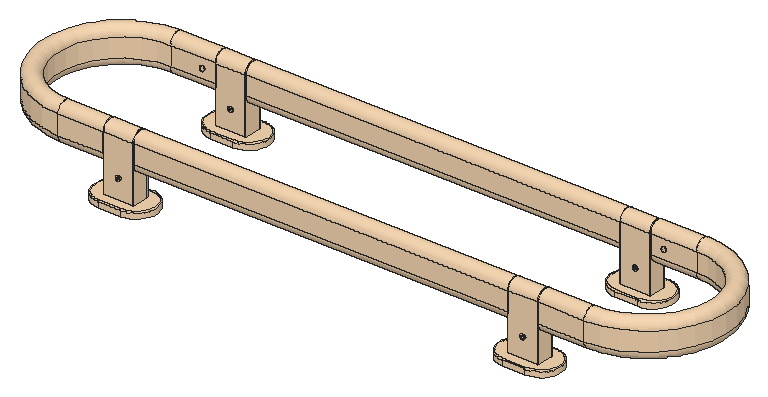
Revit family "Accessory-Grab_Bar-KOHLER-K-33463", category Specialty Equipment, host Face, Revit 2021
Family settings
  Host = Face
  Round Connector Dimension = Use Diameter
  Part Type = Normal
  OmniClass Number = 23.31.15.17.21
  OmniClass Title = Bathtub Grab Bars
  Cut with Voids When Loaded = No
  Shared = No
  Room Calculation Point = No
Parameters (values of type "2MB-Vibrant Brushed Moderne Brass")
  Width = 20.75197"  # constant formula
  WaterSense Certified = 1 = 0  # no
  URL = "https://www.us.kohler.com/us/"
  Type = 1
  Product Page URL = "http://www.us.kohler.com/us/catalog/productDetails.jsp?productNumber=33463"
  Product Name = ""
  Product Documentation Link = "https://www.us.kohler.com/webassets/kpna/catalog/pdf/en/K-33463_spec_US-CA_Kohler_en.pdf"
  Model = if(Type = 1, "K-33463-2MB", if(Type = 2, "K-33463-BL", if(Type = 3, "K-33463-BN", if(Type = 4, "K-33463-CP", "NA"))))  # "K-33463-2MB"
  Material = "Premium Metal Construction"  # constant formula
  Master Format 2014 Name = "Toilet, Bath, and Laundry Accessories"  # constant formula
  Master Format 2014 = "10 28 00"  # constant formula
  Manufacturer Address = "444 Highland Dr, Kohler, WI 53044"  # constant formula
  Manufacturer = "Kohler Co."  # constant formula
  Length = 3.13386"  # constant formula
  Height = 8.00394"  # constant formula
  Finish = Kohler-Metal-2MB-Vibrant_Brushed_Moderne_Brass
  Environmental Product Declaration = ""
  Description = "Loop Connector For Grab Bar"  # constant formula
  Default Elevation = 42"
  Declare Label = ""
  Date Modified = "02/28/2024"  # constant formula
  Date Created = "02/28/2024"  # constant formula
  Copyright = "Copyright Kohler Co."  # constant formula
  Contact Us = "https://www.us.kohler.com/us/static/contact.jsp"
  Assembly Code = "C1030200"
  ADA Compliant = 1 = 0  # no
Types (5): name | Type | Model | Finish
  (no name) | 1 | "K-33463-2MB" | Kohler-Metal-2MB-Vibrant_Brushed_Moderne_Brass
  2MB-Vibrant Brushed Moderne Brass | 1 | "K-33463-2MB" | Kohler-Metal-2MB-Vibrant_Brushed_Moderne_Brass
  BL-Matte Black | 2 | "K-33463-BL" | Kohler-Metal-BL-Matte_Black
  BN-Vibrant Brushed Nickel | 3 | "K-33463-BN" | Kohler-Metal-BN-Vibrant_Brushed_Nickel
  CP-Polished Chrome | 4 | "K-33463-CP" | Kohler-Metal-CP-Polished_Chrome
Reference planes (in)
  plane 1 "Center (Front/Back)": y = 0
  plane 2: z = 0
  plane 3 "Center (Left/Right)": x = 0
  plane 4: z = 3.13386
  plane 5: x = 15.19488
  plane 6: x = -15.19488
  plane 7: x = 9
  plane 8: x = -9
  plane 9: z = 1.5
  plane 10: x = 7.62402
  plane 11: x = 10.37598
  plane 12: x = -10.37598
  plane 13: x = -7.62402
  plane 14: y = -4.00197
  plane 15: y = -2.25
  plane 16: y = -2.73228
  plane 17: y = -3.51969
  plane 18: y = -3.12598
  plane 19: y = 2.25
  plane 20: y = 2.73228
  plane 21: y = 3.12598
  plane 22: y = 3.51969
  plane 23: y = 4.00197
Dimensions and locks (in)
  "Height": plane 23 to plane 14
  plane 20 to plane 16 = 5.46457"
  plane 22 to plane 17 = 7.03937"
  plane 22 to plane 20 = 0.7874"
  plane 23 to plane 19 = 1.75197"
  plane 6 to plane 5 = 30.38976"
  plane 4 to plane 9 = 1.63386"
  plane 12 to plane 13 = 2.75197"
  plane 8 to plane 7 = 18"
  plane 9 to level = 1 1/2"
  plane 4 to level = 3.13386"
  "Width": plane 12 to plane 11
  "Length": plane 4 to level
  aligned and locked: plane 2 to host face
  aligned and locked: level to host face
  aligned and locked: plane 1 "Center (Front/Back)" to nested 1
  aligned and locked: plane 3 "Center (Left/Right)" to nested 1
Automatic sketch dimensions
  host sketch curve to host sketch curve = 96"  (x2)
Nested families (in)
  nested 1: "K-33463" at (0, 0, 0), type "K-33463"
Definition of nested family "K-33463"
  Parameters
    Material = none
    Default Elevation = 0"
  Reference planes (in)
    plane 1 "Center (Front/Back)": y = 0
    plane 2: z = 0
    plane 3 "Center (Left/Right)": x = 0
    plane 4: x = 9
    plane 5: x = -9
    plane 6: x = -15.19488
    plane 7: x = 15.19488
    plane 8: y = 2.73228
    plane 9: y = -2.73228
    plane 10: y = 3.51969
    plane 11: y = -3.51969
    plane 12: y = 3.12598
    plane 13: y = -3.12598
    plane 14: y = 4.00197
    plane 15: y = 2.25
    plane 16: y = -4.00197
    plane 17: y = -2.25
    plane 18: z = 3.13386
    plane 19: z = 1.5
    plane 20: x = -10.37598
    plane 21: x = -7.62402
    plane 22: x = 10.37598
    plane 23: x = 7.62402
  Forms (in)
    Sweep 1, solid, material <- "Material", detail levels medium+fine
      path origin (-0.36294, -0.09843, 0) x (1, 0, 0) y (0, 1, 0)
        loop
          arc (-11.3156, 3.64858) -> (-14.85891, 0.10527) -> (-11.3156, -3.43803) r 3.54331
          line (-11.3156, -3.43803) -> (12.08599, -3.43803)
          arc (12.08599, -3.43803) -> (15.6293, 0.10527) -> (12.08599, 3.64858) r 3.54331
          line (12.08599, 3.64858) -> (-11.3156, 3.64858)
      profile origin (0.02225, 3.55016, 0) x (0, 1, 0) y (0, 0, 1)
        loop
          arc (-0.02451, 2.73995) -> (-0.41822, 3.13365) -> (-0.81191, 2.73994) r 0.3937
          line (-0.81191, 2.73994) -> (-0.8119, 1.8954)
          arc (-0.8119, 1.8954) -> (-0.4182, 1.5017) -> (-0.0245, 1.89541) r 0.3937
          line (-0.0245, 1.89541) -> (-0.02451, 2.73995)
    Extrusion 2, void
      sketch origin (0, 0, 0) x (1, 0, 0) y (0, 0, 1)
        loop
          line (-9.67152, 3.32645) -> (-9.67152, 1.36691) -> (-8.32848, 1.36691) -> (-8.32848, 3.32645) -> (-9.67152, 3.32645)
        loop
          line (9.67152, 3.32645) -> (8.32848, 3.32645) -> (8.32848, 1.36691) -> (9.67152, 1.36691) -> (9.67152, 3.32645)
      from -4.10118 to 3.63666
    Sweep 3, solid, material <- "Material", detail levels medium+fine
      path origin (0, 0, 0) x (0, 1, 0) y (0, 0, 1)
        loop
          line (-2.72455, 0.21895) -> (-2.72455, 2.74045)
          arc (-2.72455, 2.74045) -> (-3.11825, 3.13415) -> (-3.51195, 2.74045) r 0.3937
          line (-3.51195, 2.74045) -> (-3.51195, 0.21895)
      profile origin (0, -2.72455, 1.4797) x (0, -1, 0) y (1, 0, 0)
        loop
          line (0, -8.34816) -> (0, -9.65184)
          arc (0, -9.65184) -> (0.00577, -9.66576) -> (0.01969, -9.67152) r 0.01969
          line (0.01969, -9.67152) -> (0.15478, -9.67152) -> (0.15478, -8.32848) -> (0.01969, -8.32848)
          arc (0.01969, -8.32848) -> (0.00577, -8.33424) -> (0, -8.34816) r 0.01969
    Sweep 4, solid, material <- "Material", detail levels medium+fine
      path origin (0, 0, 0) x (0, 1, 0) y (0, 0, -1)
        loop
          line (-2.72455, -0.21895) -> (-2.72455, -2.74045)
          arc (-2.72455, -2.74045) -> (-3.11825, -3.13415) -> (-3.51195, -2.74045) r 0.3937
          line (-3.51195, -2.74045) -> (-3.51195, -0.21895)
      profile origin (0, -2.72455, 1.4797) x (0, 1, 0) y (-1, 0, 0)
        loop
          arc (0, -8.34816) -> (-0.00577, -8.33424) -> (-0.01969, -8.32848) r 0.01969
          line (-0.01969, -8.32848) -> (-0.17939, -8.32848) -> (-0.17939, -9.67152) -> (-0.01969, -9.67152)
          arc (-0.01969, -9.67152) -> (-0.00577, -9.66576) -> (0, -9.65184) r 0.01969
          line (0, -9.65184) -> (0, -8.34816)
    Sweep 5, solid, material <- "Material", detail levels medium+fine
      path origin (0, 0, 0) x (1, 0, 0) y (0, 1, 0)
        loop
          arc (8.49508, 4.00197) -> (7.6191, 3.12598) -> (8.49508, 2.25) r 0.87598
          line (8.49508, 2.25) -> (9.49484, 2.25)
          arc (9.49484, 2.25) -> (10.37082, 3.12598) -> (9.49484, 4.00197) r 0.87598
          line (9.49484, 4.00197) -> (8.49508, 4.00197)
      profile origin (8.99496, 4.00197, 0) x (0, 1, 0) y (0, 0, 1)
        loop
          line (0, 0) -> (0, 0.23513)
          arc (0, 0.23513) -> (-0.01153, 0.26297) -> (-0.03937, 0.2745) r 0.03937
          line (-0.03937, 0.2745) -> (-0.07237, 0.2745) -> (-0.07237, 0) -> (0, 0)
    Sweep 6, solid, material <- "Material", detail levels medium+fine
      path origin (0, 0, 0) x (1, 0, 0) y (0, 1, 0)
        loop
          line (8.49508, -4.00197) -> (9.49484, -4.00197)
          arc (9.49484, -4.00197) -> (10.37082, -3.12598) -> (9.49484, -2.25) r 0.87598
          line (9.49484, -2.25) -> (8.49508, -2.25)
          arc (8.49508, -2.25) -> (7.6191, -3.12598) -> (8.49508, -4.00197) r 0.87598
      profile origin (8.99496, -4.00197, 0) x (0, 1, 0) y (0, 0, 1)
        loop
          line (0, 0) -> (0.07237, 0) -> (0.07237, 0.2745) -> (0.03937, 0.2745)
          arc (0.03937, 0.2745) -> (0.01153, 0.26297) -> (0, 0.23513) r 0.03937
          line (0, 0.23513) -> (0, 0)
    Sweep 7, solid, material <- "Material", detail levels medium+fine
      path origin (0, 0, 0) x (-1, 0, 0) y (0, -1, 0)
        loop
          line (8.49508, -4.00197) -> (9.49484, -4.00197)
          arc (9.49484, -4.00197) -> (10.37082, -3.12598) -> (9.49484, -2.25) r 0.87598
          line (9.49484, -2.25) -> (8.49508, -2.25)
          arc (8.49508, -2.25) -> (7.6191, -3.12598) -> (8.49508, -4.00197) r 0.87598
      profile origin (-8.99496, 4.00197, 0) x (0, -1, 0) y (0, 0, 1)
        loop
          line (0, 0) -> (0.07237, 0) -> (0.07237, 0.2745) -> (0.03937, 0.2745)
          arc (0.03937, 0.2745) -> (0.01153, 0.26297) -> (0, 0.23513) r 0.03937
          line (0, 0.23513) -> (0, 0)
    Sweep 8, solid, material <- "Material", detail levels medium+fine
      path origin (0, 0, 0) x (-1, 0, 0) y (0, -1, 0)
        loop
          arc (8.49508, 4.00197) -> (7.6191, 3.12598) -> (8.49508, 2.25) r 0.87598
          line (8.49508, 2.25) -> (9.49484, 2.25)
          arc (9.49484, 2.25) -> (10.37082, 3.12598) -> (9.49484, 4.00197) r 0.87598
          line (9.49484, 4.00197) -> (8.49508, 4.00197)
      profile origin (-8.99496, -4.00197, 0) x (0, -1, 0) y (0, 0, 1)
        loop
          line (0, 0) -> (0, 0.23513)
          arc (0, 0.23513) -> (-0.01153, 0.26297) -> (-0.03937, 0.2745) r 0.03937
          line (-0.03937, 0.2745) -> (-0.07237, 0.2745) -> (-0.07237, 0) -> (0, 0)
    Extrusion 9, solid, material <- "Material", detail levels medium+fine
      sketch origin (0, 0, 0) x (1, 0, 0) y (0, 1, 0)
        loop
          arc (-9.49484, -2.32237) -> (-10.29845, -3.12598) -> (-9.49484, -3.9296) r 0.80362
          line (-9.49484, -3.9296) -> (-8.49508, -3.9296)
          arc (-8.49508, -3.9296) -> (-7.69146, -3.12598) -> (-8.49508, -2.32237) r 0.80362
          line (-8.49508, -2.32237) -> (-9.49484, -2.32237)
        loop
          arc (-9.49484, 3.9296) -> (-10.29845, 3.12598) -> (-9.49484, 2.32237) r 0.80362
          line (-9.49484, 2.32237) -> (-8.49508, 2.32237)
          arc (-8.49508, 2.32237) -> (-7.69146, 3.12598) -> (-8.49508, 3.9296) r 0.80362
          line (-8.49508, 3.9296) -> (-9.49484, 3.9296)
        loop
          arc (8.49508, -2.32237) -> (7.69146, -3.12598) -> (8.49508, -3.9296) r 0.80362
          line (8.49508, -3.9296) -> (9.49484, -3.9296)
          arc (9.49484, -3.9296) -> (10.29845, -3.12598) -> (9.49484, -2.32237) r 0.80362
          line (9.49484, -2.32237) -> (8.49508, -2.32237)
        loop
          arc (8.49508, 3.9296) -> (7.69146, 3.12598) -> (8.49508, 2.32237) r 0.80362
          line (8.49508, 2.32237) -> (9.49484, 2.32237)
          arc (9.49484, 2.32237) -> (10.29845, 3.12598) -> (9.49484, 3.9296) r 0.80362
          line (9.49484, 3.9296) -> (8.49508, 3.9296)
      from 0 to 0.2745
    Extrusion 10, void
      sketch origin (0, 0, 0) x (1, 0, 0) y (0, 0, 1)
        loop
          circle (-10.27067, 2.31695) r 0.11403
      from -2.97655 to -2.48567
    Extrusion 11, void
      sketch origin (0, 0, 0) x (1, 0, 0) y (0, 0, 1)
        loop
          circle (-10.27067, 2.31695) r 0.11403
      from 2.38813 to 3.12968
    Extrusion 12, void
      sketch origin (0, 0, 0) x (-1, 0, 0) y (0, 0, -1)
        loop
          circle (-10.27067, -2.31695) r 0.11403
      from -2.97655 to -2.48567
    Extrusion 13, void
      sketch origin (0, 0, 0) x (-1, 0, 0) y (0, 0, -1)
        loop
          circle (-10.27067, -2.31695) r 0.11403
      from 2.44841 to 3.1263
    Extrusion 14, solid, material <- "Material", detail levels medium+fine
      sketch origin (0, 0, 0) x (1, 0, 0) y (0, 0, 1)
        loop
          circle (10.27067, 2.31695) r 0.1063
      from -2.97655 to -2.73825
    Extrusion 15, solid, material <- "Material", detail levels medium+fine
      sketch origin (0, 0, 0) x (1, 0, 0) y (0, 0, -1)
        loop
          circle (10.27067, -2.31695) r 0.1063
      from -3.1263 to -2.72455
    Extrusion 16, solid, material <- "Material", detail levels medium+fine
      sketch origin (0, 0, 0) x (-1, 0, 0) y (0, 0, -1)
        loop
          circle (10.27067, -2.31695) r 0.1063
      from -2.97655 to -2.73825
    Extrusion 17, solid, material <- "Material", detail levels medium+fine
      sketch origin (0, 0, 0) x (-1, 0, 0) y (0, 0, 1)
        loop
          circle (10.27067, 2.31695) r 0.1063
      from -3.12968 to -2.72455
    Extrusion 18, solid, detail levels medium+fine
      sketch origin (0, 0, 0) x (1, 0, 0) y (0, 0, 1)
        loop
          circle (-9, 1.13912) r 0.10596
        loop
          line (-9, 1.19949) -> (-9.05228, 1.16931) -> (-9.05228, 1.10894) -> (-9, 1.07876) -> (-8.94772, 1.10894) -> (-8.94772, 1.16931) -> (-9, 1.19949)
      from 3.35053 to 3.54164
    Extrusion 19, void
      sketch origin (0, 0, 0) x (1, 0, 0) y (0, 0, 1)
        loop
          circle (-9, 1.13912) r 0.10596
      from 3.35053 to 3.70089
    Extrusion 20, void
      sketch origin (0, 0, 0) x (1, 0, 0) y (0, 0, 1)
        loop
          circle (-9, 1.13912) r 0.10596
      from -3.03907 to -2.55986
    Extrusion 21, solid, detail levels medium+fine
      sketch origin (0, 0, 0) x (1, 0, 0) y (0, 0, 1)
        loop
          circle (-9, 1.13912) r 0.10596
        loop
          line (-9, 1.19949) -> (-9.05228, 1.16931) -> (-9.05228, 1.10894) -> (-9, 1.07876) -> (-8.94772, 1.10894) -> (-8.94772, 1.16931) -> (-9, 1.19949)
      from -2.7946 to -2.71
    Extrusion 22, solid, detail levels medium+fine
      sketch origin (0, 0, 0) x (-1, 0, 0) y (0, 0, -1)
        loop
          circle (-9, -1.13912) r 0.10596
        loop
          line (-9, -1.19949) -> (-8.94772, -1.16931) -> (-8.94772, -1.10894) -> (-9, -1.07876) -> (-9.05228, -1.10894) -> (-9.05228, -1.16931) -> (-9, -1.19949)
      from 3.35053 to 3.54164
    Extrusion 23, solid, detail levels medium+fine
      sketch origin (0, 0, 0) x (-1, 0, 0) y (0, 0, -1)
        loop
          circle (-9, -1.13912) r 0.10596
        loop
          line (-9, -1.19949) -> (-8.94772, -1.16931) -> (-8.94772, -1.10894) -> (-9, -1.07876) -> (-9.05228, -1.10894) -> (-9.05228, -1.16931) -> (-9, -1.19949)
      from -2.7946 to -2.71
    Extrusion 24, void
      sketch origin (0, 0, 0) x (-1, 0, 0) y (0, 0, -1)
        loop
          circle (-9, -1.13912) r 0.10596
      from 3.35053 to 3.70089
    Extrusion 25, void
      sketch origin (0, 0, 0) x (-1, 0, 0) y (0, 0, -1)
        loop
          circle (-9, -1.13912) r 0.10596
      from -2.7946 to -2.55986
    Extrusion 26, solid, material <- "Material", detail levels medium+fine
      sketch origin (0, 0, 0) x (0, 1, 0) y (0, 0, 1)
        loop
          line (-2.87933, 0.21895) -> (-2.87933, 2.74045)
          arc (-2.87933, 2.74045) -> (-3.11825, 2.97937) -> (-3.35717, 2.74045) r 0.23892
          line (-3.35717, 2.74045) -> (-3.35717, 0.21895) -> (-2.87933, 0.21895)
      from -9.67152 to -8.32848
    Extrusion 27, solid, material <- "Material", detail levels medium+fine
      sketch origin (0, 0, 0) x (0, 1, 0) y (0, 0, 1)
        loop
          line (-2.90393, 0.21895) -> (-2.90393, 2.74045)
          arc (-2.90393, 2.74045) -> (-3.11825, 2.95476) -> (-3.33256, 2.74045) r 0.21431
          line (-3.33256, 2.74045) -> (-3.33256, 0.21895) -> (-2.90393, 0.21895)
      from 8.32848 to 9.67152
    Sweep 28, solid, material <- "Material", detail levels medium+fine
      path origin (0, 0, 0) x (0, -1, 0) y (0, 0, -1)
        loop
          line (-2.72455, -0.21895) -> (-2.72455, -2.74045)
          arc (-2.72455, -2.74045) -> (-3.11825, -3.13415) -> (-3.51195, -2.74045) r 0.3937
          line (-3.51195, -2.74045) -> (-3.51195, -0.21895)
      profile origin (0, 2.72455, 1.4797) x (0, -1, 0) y (1, 0, 0)
        loop
          arc (0, -8.34816) -> (-0.00577, -8.33424) -> (-0.01969, -8.32848) r 0.01969
          line (-0.01969, -8.32848) -> (-0.15478, -8.32848) -> (-0.15478, -9.67152) -> (-0.01969, -9.67152)
          arc (-0.01969, -9.67152) -> (-0.00577, -9.66576) -> (0, -9.65184) r 0.01969
          line (0, -9.65184) -> (0, -8.34816)
    Sweep 29, solid, material <- "Material", detail levels medium+fine
      path origin (0, 0, 0) x (0, -1, 0) y (0, 0, 1)
        loop
          line (-2.72455, 0.21895) -> (-2.72455, 2.74045)
          arc (-2.72455, 2.74045) -> (-3.11825, 3.13415) -> (-3.51195, 2.74045) r 0.3937
          line (-3.51195, 2.74045) -> (-3.51195, 0.21895)
      profile origin (0, 2.72455, 1.4797) x (0, 1, 0) y (-1, 0, 0)
        loop
          line (0, -8.34816) -> (0, -9.65184)
          arc (0, -9.65184) -> (0.00577, -9.66576) -> (0.01969, -9.67152) r 0.01969
          line (0.01969, -9.67152) -> (0.17939, -9.67152) -> (0.17939, -8.32848) -> (0.01969, -8.32848)
          arc (0.01969, -8.32848) -> (0.00577, -8.33424) -> (0, -8.34816) r 0.01969
    Extrusion 30, solid, material <- "Material", detail levels medium+fine
      sketch origin (0, 0, 0) x (0, 1, 0) y (0, 0, 1)
        loop
          arc (3.33256, 2.74045) -> (3.11825, 2.95476) -> (2.90393, 2.74045) r 0.21431
          line (2.90393, 2.74045) -> (2.90393, 0.21895) -> (3.33256, 0.21895) -> (3.33256, 2.74045)
      from 8.32848 to 9.67152
    Extrusion 31, solid, material <- "Material", detail levels medium+fine
      sketch origin (0, 0, 0) x (0, 1, 0) y (0, 0, 1)
        loop
          line (2.87933, 2.74045) -> (2.87933, 0.21895) -> (3.35717, 0.21895) -> (3.35717, 2.74045)
          arc (3.35717, 2.74045) -> (3.11825, 2.97937) -> (2.87933, 2.74045) r 0.23892
      from -9.67152 to -8.32848
    Sweep 32, solid, material <- "Material", detail levels coarse
      path origin (0, 0, 0) x (1, 0, 0) y (0, 1, 0)
        loop
          arc (-11.68624, 3.54977) -> (-15.22954, 0.00646) -> (-11.68624, -3.53685) r 3.54331
          line (-11.68624, -3.53685) -> (11.7059, -3.53685)
          arc (11.7059, -3.53685) -> (15.24921, 0.00646) -> (11.7059, 3.54977) r 3.54331
          line (11.7059, 3.54977) -> (-11.68624, 3.54977)
      profile origin (0.00983, 3.54977, 0) x (0, 1, 0) y (0, 0, 1)
        loop
          line (-0.02823, 1.53795) -> (-0.02825, 3.09307) -> (-0.77626, 3.09307) -> (-0.77624, 1.53795) -> (-0.02823, 1.53795)
    Extrusion 33, solid, material <- "Material", detail levels coarse
      sketch origin (0, 0, 0) x (1, 0, 0) y (0, 1, 0)
        loop
          line (-9.49829, -3.99544) -> (-8.49302, -3.99544)
          arc (-8.49302, -3.99544) -> (-7.61837, -3.1208) -> (-8.49302, -2.24615) r 0.87465
          line (-8.49302, -2.24615) -> (-9.49829, -2.24615)
          arc (-9.49829, -2.24615) -> (-10.37293, -3.1208) -> (-9.49829, -3.99544) r 0.87465
        loop
          arc (-9.49829, 3.99544) -> (-10.37293, 3.1208) -> (-9.49829, 2.24615) r 0.87465
          line (-9.49829, 2.24615) -> (-8.49302, 2.24615)
          arc (-8.49302, 2.24615) -> (-7.61837, 3.1208) -> (-8.49302, 3.99544) r 0.87465
          line (-8.49302, 3.99544) -> (-9.49829, 3.99544)
        loop
          arc (9.49829, -3.99544) -> (10.37293, -3.1208) -> (9.49829, -2.24615) r 0.87465
          line (9.49829, -2.24615) -> (8.49302, -2.24615)
          arc (8.49302, -2.24615) -> (7.61837, -3.1208) -> (8.49302, -3.99544) r 0.87465
          line (8.49302, -3.99544) -> (9.49829, -3.99544)
        loop
          line (9.49829, 3.99544) -> (8.49302, 3.99544)
          arc (8.49302, 3.99544) -> (7.61837, 3.1208) -> (8.49302, 2.24615) r 0.87465
          line (8.49302, 2.24615) -> (9.49829, 2.24615)
          arc (9.49829, 2.24615) -> (10.37293, 3.1208) -> (9.49829, 3.99544) r 0.87465
      from 0 to 0.27309
    Extrusion 34, solid, material <- "Material", detail levels coarse
      sketch origin (0, 0, 0) x (0, 1, 0) y (0, 0, 1)
        loop
          line (-2.76061, 0.1664) -> (-2.76061, 1.70634) -> (-3.50862, 1.70634) -> (-3.50862, 0.1664) -> (-2.76061, 0.1664)
      from -9.6711 to -8.32288
    Extrusion 35, solid, material <- "Material", detail levels coarse
      sketch origin (0, 0, 0) x (0, -1, 0) y (0, 0, -1)
        loop
          line (-2.77353, -0.1664) -> (-3.52154, -0.1664) -> (-3.52154, -1.70634) -> (-2.77353, -1.70634) -> (-2.77353, -0.1664)
      from -9.6711 to -8.32288
    Extrusion 36, solid, material <- "Material", detail levels coarse
      sketch origin (0, 0, 0) x (0, 1, 0) y (0, 0, -1)
        loop
          line (-2.76061, -0.1664) -> (-3.50862, -0.1664) -> (-3.50862, -1.70634) -> (-2.76061, -1.70634) -> (-2.76061, -0.1664)
      from -9.6711 to -8.32288
    Extrusion 37, solid, material <- "Material", detail levels coarse
      sketch origin (0, 0, 0) x (0, -1, 0) y (0, 0, 1)
        loop
          line (-2.77353, 0.1664) -> (-2.77353, 1.70634) -> (-3.52154, 1.70634) -> (-3.52154, 0.1664) -> (-2.77353, 0.1664)
      from -9.6711 to -8.32288
  Cuts and joins
    Extrusion 2, Extrusion 10, Extrusion 11, Extrusion 12, Extrusion 13 cuts Sweep 1
    Extrusion 19, Extrusion 24 cuts Sweep 3
    joined: Sweep 3, Extrusion 26
    Extrusion 24 cuts Extrusion 18
    Extrusion 25 cuts Extrusion 21
    Extrusion 24 cuts Sweep 4
    joined: Sweep 4, Extrusion 27
    joined: Sweep 5, Sweep 6, Sweep 7, Sweep 8, Extrusion 9
    Extrusion 20 cuts Sweep 28
    joined: Sweep 28, Extrusion 31
    Extrusion 25 cuts Sweep 29
    joined: Sweep 29, Extrusion 30
    joined: Sweep 32, Extrusion 33, Extrusion 34, Extrusion 35, Extrusion 36
  Lines and regions (in)
    Masking region 1
      outline origin (0, 0, 0) x (1, 0, 0) y (0, 1, 0)
        loop
          arc (-9.50482, 2.25) -> (-9.96481, 2.38024) -> (-10.28824, 2.73228) r 0.87744
          line (-10.28824, 2.73228) -> (-11.67544, 2.73228)
          arc (-11.67544, 2.73228) -> (-14.40772, 0) -> (-11.67544, -2.73228) r 2.73228
          line (-11.67544, -2.73228) -> (-10.28824, -2.73228)
          arc (-10.28824, -2.73228) -> (-9.96481, -2.38024) -> (-9.50482, -2.25) r 0.87744
          line (-9.50482, -2.25) -> (-8.50681, -2.25)
          arc (-8.50681, -2.25) -> (-8.04798, -2.38029) -> (-7.72609, -2.73228) r 0.87305
          line (-7.72609, -2.73228) -> (7.72609, -2.73228)
          arc (7.72609, -2.73228) -> (8.04798, -2.38029) -> (8.50681, -2.25) r 0.87305
          line (8.50681, -2.25) -> (9.50482, -2.25)
          arc (9.50482, -2.25) -> (9.96481, -2.38024) -> (10.28824, -2.73228) r 0.87744
          line (10.28824, -2.73228) -> (11.67544, -2.73228)
          arc (11.67544, -2.73228) -> (14.40772, 0) -> (11.67544, 2.73228) r 2.73228
          line (11.67544, 2.73228) -> (10.28824, 2.73228)
          arc (10.28824, 2.73228) -> (9.96481, 2.38024) -> (9.50482, 2.25) r 0.87744
          line (9.50482, 2.25) -> (8.50681, 2.25)
          arc (8.50681, 2.25) -> (8.04798, 2.38029) -> (7.72609, 2.73228) r 0.87305
          line (7.72609, 2.73228) -> (-1.3248, 2.73228) -> (-7.72609, 2.73228)
          arc (-7.72609, 2.73228) -> (-8.04798, 2.38029) -> (-8.50681, 2.25) r 0.87305
          line (-8.50681, 2.25) -> (-9.50482, 2.25)
        loop
          arc (-9.50482, 4.00197) -> (-9.96481, 3.87173) -> (-10.28824, 3.51969) r 0.87744
          line (-10.28824, 3.51969) -> (-11.6541, 3.51969)
          arc (-11.6541, 3.51969) -> (-13.74998, 2.82763) -> (-15.02165, 1.0236) r 3.51969
          arc (-15.02165, 1.0236) -> (-15.14092, 0.51733) -> (-15.19488, 0) r 4.08424
          arc (-15.19488, 0) -> (-15.14037, -0.52105) -> (-15.01945, -1.03081) r 4.07493
          arc (-15.01945, -1.03081) -> (-13.74695, -2.82987) -> (-11.6541, -3.51969) r 3.51969
          line (-11.6541, -3.51969) -> (-10.28824, -3.51969)
          arc (-10.28824, -3.51969) -> (-9.96481, -3.87173) -> (-9.50482, -4.00197) r 0.87744
          line (-9.50482, -4.00197) -> (-8.50681, -4.00197)
          arc (-8.50681, -4.00197) -> (-8.04798, -3.87168) -> (-7.72609, -3.51969) r 0.87305
          line (-7.72609, -3.51969) -> (7.72609, -3.51969)
          arc (7.72609, -3.51969) -> (8.04798, -3.87168) -> (8.50681, -4.00197) r 0.87305
          line (8.50681, -4.00197) -> (9.50482, -4.00197)
          arc (9.50482, -4.00197) -> (9.96481, -3.87173) -> (10.28824, -3.51969) r 0.87744
          line (10.28824, -3.51969) -> (11.6541, -3.51969)
          arc (11.6541, -3.51969) -> (13.82183, -2.77293) -> (15.06972, -0.84953) r 3.51969
          arc (15.06972, -0.84953) -> (15.15302, -0.42782) -> (15.19488, 0) r 4.41086
          arc (15.19488, 0) -> (15.15659, 0.39758) -> (15.0839, 0.79032) r 4.59429
          arc (15.0839, 0.79032) -> (13.84573, 2.75408) -> (11.6541, 3.51969) r 3.51969
          line (11.6541, 3.51969) -> (10.28824, 3.51969)
          arc (10.28824, 3.51969) -> (9.96481, 3.87173) -> (9.50482, 4.00197) r 0.87744
          line (9.50482, 4.00197) -> (8.50681, 4.00197)
          arc (8.50681, 4.00197) -> (8.04798, 3.87168) -> (7.72609, 3.51969) r 0.87305
          line (7.72609, 3.51969) -> (-0.73425, 3.51969) -> (-7.72609, 3.51969)
          arc (-7.72609, 3.51969) -> (-8.04798, 3.87168) -> (-8.50681, 4.00197) r 0.87305
          line (-8.50681, 4.00197) -> (-9.50482, 4.00197)
    Masking region 2
      outline origin (0, 0, 0) x (1, 0, 0) y (0, 0, 1)
        loop
          arc (-14.80118, 3.13386) -> (-15.07957, 3.01855) -> (-15.19488, 2.74016) r 0.3937
          line (-15.19488, 2.74016) -> (-15.19488, 1.8937)
          arc (-15.19488, 1.8937) -> (-15.07957, 1.61531) -> (-14.80118, 1.5) r 0.3937
          line (-14.80118, 1.5) -> (-9.68307, 1.5) -> (-9.68307, 0.27632) -> (-10.31693, 0.27632)
          arc (-10.31693, 0.27632) -> (-10.35869, 0.25902) -> (-10.37598, 0.21726) r 0.05906
          line (-10.37598, 0.21726) -> (-10.37598, 0) -> (-9, 0) -> (-7.62402, 0) -> (-7.62402, 0.21726)
          arc (-7.62402, 0.21726) -> (-7.64131, 0.25902) -> (-7.68307, 0.27632) r 0.05906
          line (-7.68307, 0.27632) -> (-8.31693, 0.27632) -> (-8.31693, 1.5) -> (0, 1.5) -> (8.31693, 1.5) -> (8.31693, 0.27632) -> (7.68307, 0.27632)
          arc (7.68307, 0.27632) -> (7.64131, 0.25902) -> (7.62402, 0.21726) r 0.05906
          line (7.62402, 0.21726) -> (7.62402, 0) -> (9, 0) -> (10.37598, 0) -> (10.37598, 0.21726)
          arc (10.37598, 0.21726) -> (10.35869, 0.25902) -> (10.31693, 0.27632) r 0.05906
          line (10.31693, 0.27632) -> (9.68307, 0.27632) -> (9.68307, 1.5) -> (14.80118, 1.5)
          arc (14.80118, 1.5) -> (15.07957, 1.61531) -> (15.19488, 1.8937) r 0.3937
          line (15.19488, 1.8937) -> (15.19488, 2.74016)
          arc (15.19488, 2.74016) -> (15.07957, 3.01855) -> (14.80118, 3.13386) r 0.3937
          line (14.80118, 3.13386) -> (0, 3.13386) -> (-14.80118, 3.13386)
    Masking region 3
      outline origin (0, 0, 0) x (0, 1, 0) y (0, 0, 1)
        loop
          line (3.12598, 3.13386) -> (0, 3.13386) -> (-3.12598, 3.13386)
          arc (-3.12598, 3.13386) -> (-3.40437, 3.01855) -> (-3.51969, 2.74016) r 0.3937
          line (-3.51969, 2.74016) -> (-3.51969, 1.24838) -> (-3.55142, 1.24838) -> (-3.55142, 1.03821) -> (-3.51969, 1.03821) -> (-3.51969, 0.27501) -> (-3.95276, 0.27501)
          arc (-3.95276, 0.27501) -> (-3.98755, 0.26059) -> (-4.00197, 0.2258) r 0.04921
          line (-4.00197, 0.2258) -> (-4.00197, 0) -> (-3.12598, 0) -> (-2.25, 0) -> (-2.25, 0.2258)
          arc (-2.25, 0.2258) -> (-2.26441, 0.26059) -> (-2.29921, 0.27501) r 0.04921
          line (-2.29921, 0.27501) -> (-2.73228, 0.27501) -> (-2.73228, 1.09575) -> (-2.73228, 1.5) -> (0, 1.5) -> (2.73228, 1.5) -> (2.73228, 1.24838) -> (2.70055, 1.24838) -> (2.70055, 1.03821) -> (2.73228, 1.03821) -> (2.73228, 0.27501) -> (2.29921, 0.27501)
          arc (2.29921, 0.27501) -> (2.26441, 0.26059) -> (2.25, 0.2258) r 0.04921
          line (2.25, 0.2258) -> (2.25, 0) -> (3.12598, 0) -> (4.00197, 0) -> (4.00197, 0.2258)
          arc (4.00197, 0.2258) -> (3.98755, 0.26059) -> (3.95276, 0.27501) r 0.04921
          line (3.95276, 0.27501) -> (3.51969, 0.27501) -> (3.51969, 2.74016)
          arc (3.51969, 2.74016) -> (3.40437, 3.01855) -> (3.12598, 3.13386) r 0.3937
    symbolic lines, detail levels medium+fine
      curve 1: line (-10.28824, 3.51969, 0) -> (-7.72609, 3.51969, 0)
      curve 2: line (-7.72609, 2.73228, 0) -> (-10.28824, 2.73228, 0)
      curve 3: arc (-10.24388, 3.51969, 0) -> (-9.93563, 3.84339, 0) -> (-9.50482, 3.9626, 0) r 0.83807
      curve 4: line (-9.50482, 3.9626, 0) -> (-8.50681, 3.9626, 0)
      curve 5: arc (-8.50681, 3.9626, 0) -> (-8.07713, 3.84334, 0) -> (-7.77038, 3.51969, 0) r 0.83368
      curve 6: arc (-8.50681, 2.28937, 0) -> (-8.07713, 2.40863, 0) -> (-7.77038, 2.73228, 0) r 0.83368
      curve 7: line (-9.50482, 2.28937, 0) -> (-8.50681, 2.28937, 0)
      curve 8: arc (-10.24388, 2.73228, 0) -> (-9.93563, 2.40858, 0) -> (-9.50482, 2.28937, 0) r 0.83807
      curve 9: line (-9.67982, 3.51969, 0) -> (-9.67982, 2.73228, 0)
      curve 10: line (-9.65926, 3.51969, 0) -> (-9.65926, 2.73228, 0)
      curve 11: line (-8.33012, 3.51969, 0) -> (-8.33012, 2.73228, 0)
      curve 12: line (-8.35033, 3.51969, 0) -> (-8.35033, 2.73228, 0)
      curve 13: line (-9.10396, 2.73228, 0) -> (-9.10396, 2.70101, 0)
      curve 14: line (-9.10396, 2.70101, 0) -> (-9, 2.70101, 0)
      curve 15: line (-8.89604, 2.73228, 0) -> (-8.89604, 2.70101, 0)
      curve 16: line (-8.89604, 2.70101, 0) -> (-9, 2.70101, 0)
      curve 17: line (-10.28824, -3.51969, 0) -> (-7.72609, -3.51969, 0)
      curve 18: line (-7.72609, -2.73228, 0) -> (-10.28824, -2.73228, 0)
      curve 19: arc (-10.24388, -3.51969, 0) -> (-9.93563, -3.84339, 0) -> (-9.50482, -3.9626, 0) r 0.83807
      curve 20: line (-9.50482, -3.9626, 0) -> (-8.50681, -3.9626, 0)
      curve 21: arc (-8.50681, -3.9626, 0) -> (-8.07713, -3.84334, 0) -> (-7.77038, -3.51969, 0) r 0.83368
      curve 22: arc (-8.50681, -2.28937, 0) -> (-8.07713, -2.40863, 0) -> (-7.77038, -2.73228, 0) r 0.83368
      curve 23: line (-9.50482, -2.28937, 0) -> (-8.50681, -2.28937, 0)
      curve 24: arc (-10.24388, -2.73228, 0) -> (-9.93563, -2.40858, 0) -> (-9.50482, -2.28937, 0) r 0.83807
      curve 25: line (-9.67982, -3.51969, 0) -> (-9.67982, -2.73228, 0)
      curve 26: line (-9.65926, -3.51969, 0) -> (-9.65926, -2.73228, 0)
      curve 27: line (-8.33012, -3.51969, 0) -> (-8.33012, -2.73228, 0)
      curve 28: line (-8.35033, -3.51969, 0) -> (-8.35033, -2.73228, 0)
      curve 29: line (-9.10396, -3.51969, 0) -> (-9.10396, -3.55096, 0)
      curve 30: line (-9.10396, -3.55096, 0) -> (-9, -3.55096, 0)
      curve 31: line (-8.89604, -3.51969, 0) -> (-8.89604, -3.55096, 0)
      curve 32: line (-8.89604, -3.55096, 0) -> (-9, -3.55096, 0)
      curve 33: line (10.28824, 3.51969, 0) -> (7.72609, 3.51969, 0)
      curve 34: line (7.72609, 2.73228, 0) -> (10.28824, 2.73228, 0)
      curve 35: arc (10.24388, 3.51969, 0) -> (9.93563, 3.84339, 0) -> (9.50482, 3.9626, 0) r 0.83807
      curve 36: line (9.50482, 3.9626, 0) -> (8.50681, 3.9626, 0)
      curve 37: arc (8.50681, 3.9626, 0) -> (8.07713, 3.84334, 0) -> (7.77038, 3.51969, 0) r 0.83368
      curve 38: arc (8.50681, 2.28937, 0) -> (8.07713, 2.40863, 0) -> (7.77038, 2.73228, 0) r 0.83368
      curve 39: line (9.50482, 2.28937, 0) -> (8.50681, 2.28937, 0)
      curve 40: arc (10.24388, 2.73228, 0) -> (9.93563, 2.40858, 0) -> (9.50482, 2.28937, 0) r 0.83807
      curve 41: line (9.67982, 3.51969, 0) -> (9.67982, 2.73228, 0)
      curve 42: line (9.65926, 3.51969, 0) -> (9.65926, 2.73228, 0)
      curve 43: line (8.33012, 3.51969, 0) -> (8.33012, 2.73228, 0)
      curve 44: line (8.35033, 3.51969, 0) -> (8.35033, 2.73228, 0)
      curve 45: line (9.10396, 2.73228, 0) -> (9.10396, 2.70101, 0)
      curve 46: line (9.10396, 2.70101, 0) -> (9, 2.70101, 0)
      curve 47: line (8.89604, 2.73228, 0) -> (8.89604, 2.70101, 0)
      curve 48: line (8.89604, 2.70101, 0) -> (9, 2.70101, 0)
      curve 49: line (10.28824, -3.51969, 0) -> (7.72609, -3.51969, 0)
      curve 50: line (7.72609, -2.73228, 0) -> (10.28824, -2.73228, 0)
      curve 51: arc (10.24388, -3.51969, 0) -> (9.93563, -3.84339, 0) -> (9.50482, -3.9626, 0) r 0.83807
      curve 52: line (9.50482, -3.9626, 0) -> (8.50681, -3.9626, 0)
      curve 53: arc (8.50681, -3.9626, 0) -> (8.07713, -3.84334, 0) -> (7.77038, -3.51969, 0) r 0.83368
      curve 54: arc (8.50681, -2.28937, 0) -> (8.07713, -2.40863, 0) -> (7.77038, -2.73228, 0) r 0.83368
      curve 55: line (9.50482, -2.28937, 0) -> (8.50681, -2.28937, 0)
      curve 56: arc (10.24388, -2.73228, 0) -> (9.93563, -2.40858, 0) -> (9.50482, -2.28937, 0) r 0.83807
      curve 57: line (9.67982, -3.51969, 0) -> (9.67982, -2.73228, 0)
      curve 58: line (9.65926, -3.51969, 0) -> (9.65926, -2.73228, 0)
      curve 59: line (8.33012, -3.51969, 0) -> (8.33012, -2.73228, 0)
      curve 60: line (8.35033, -3.51969, 0) -> (8.35033, -2.73228, 0)
      curve 61: line (9.10396, -3.51969, 0) -> (9.10396, -3.55096, 0)
      curve 62: line (9.10396, -3.55096, 0) -> (9, -3.55096, 0)
      curve 63: line (8.89604, -3.51969, 0) -> (8.89604, -3.55096, 0)
      curve 64: line (8.89604, -3.55096, 0) -> (9, -3.55096, 0)
      curve 65: line (-9.68307, 0, 1.5) -> (-9.68307, 0, 3.13386)
      curve 66: line (-15.19488, 0, 2.74016) -> (-9.68307, 0, 2.74016)
      curve 67: line (-15.19488, 0, 1.8937) -> (-9.68307, 0, 1.8937)
      curve 68: line (-9.68307, 0, 0.27632) -> (-8.31693, 0, 0.27632)
      curve 69: line (-10.37598, 0, 0.21726) -> (-7.62402, 0, 0.21726)
      curve 70: line (-8.31693, 0, 1.5) -> (-8.31693, 0, 3.13386)
      curve 71: line (-9.65354, 0, 1.5) -> (-9.65354, 0, 3.13386)
      curve 72: line (-9.65354, 0, 1.5) -> (-9.65354, 0, 0.27632)
      curve 73: line (-8.34646, 0, 1.5) -> (-8.34646, 0, 3.13386)
      curve 74: line (-8.34646, 0, 1.5) -> (-8.34646, 0, 0.27632)
      curve 75: line (-9.65354, 0, 2.74016) -> (-8.34646, 0, 2.74016)
      curve 76: line (-9.65354, 0, 1.8937) -> (-8.34646, 0, 1.8937)
      curve 77: line (-8.31693, 0, 2.74016) -> (0, 0, 2.74016)
      curve 78: line (-8.31693, 0, 1.8937) -> (0, 0, 1.8937)
      curve 79: line (9.68307, 0, 1.5) -> (9.68307, 0, 3.13386)
      curve 80: line (15.19488, 0, 2.74016) -> (9.68307, 0, 2.74016)
      curve 81: line (15.19488, 0, 1.8937) -> (9.68307, 0, 1.8937)
      curve 82: line (9.68307, 0, 0.27632) -> (8.31693, 0, 0.27632)
      curve 83: line (10.37598, 0, 0.21726) -> (7.62402, 0, 0.21726)
      curve 84: line (8.31693, 0, 1.5) -> (8.31693, 0, 3.13386)
      curve 85: line (9.65354, 0, 1.5) -> (9.65354, 0, 3.13386)
      curve 86: line (9.65354, 0, 1.5) -> (9.65354, 0, 0.27632)
      curve 87: line (8.34646, 0, 1.5) -> (8.34646, 0, 3.13386)
      curve 88: line (8.34646, 0, 1.5) -> (8.34646, 0, 0.27632)
      curve 89: line (9.65354, 0, 2.74016) -> (8.34646, 0, 2.74016)
      curve 90: line (9.65354, 0, 1.8937) -> (8.34646, 0, 1.8937)
      curve 91: line (8.31693, 0, 2.74016) -> (0, 0, 2.74016)
      curve 92: line (8.31693, 0, 1.8937) -> (0, 0, 1.8937)
      curve 93: line (0, 3.51969, 2.74016) -> (0, -3.51969, 2.74016)
      curve 94: line (0, 3.51969, 1.89374) -> (0, -3.51969, 1.89374)
      curve 95: line (0, -2.73228, 1.5) -> (0, -3.13173, 1.5)
      curve 96: arc (0, -3.13173, 1.5) -> (0, -3.35704, 1.57212) -> (0, -3.49858, 1.76166) r 0.38799
      curve 97: line (0, 2.73228, 1.5) -> (0, 3.12598, 1.5)
      curve 98: arc (0, 3.12598, 1.5) -> (0, 3.35273, 1.57185) -> (0, 3.49671, 1.76119) r 0.3937
      curve 99: line (0, 2.73228, 1.24838) -> (0, 2.73228, 1.03821)
      curve 100: line (0, -3.51969, 1.24838) -> (0, -3.51969, 1.03821)
      curve 101: line (0, -2.73228, 0.27501) -> (0, -3.51969, 0.27501)
      curve 102: line (0, -2.25, 0.2258) -> (0, -4.00197, 0.2258)
      curve 103: line (0, 3.51969, 0.27501) -> (0, 2.73228, 0.27501)
      curve 104: line (0, 4.00197, 0.2258) -> (0, 2.25, 0.2258)
      curve 105: line (0, 2.75009, 1.5) -> (0, 2.75009, 0.27501)
      curve 106: line (0, 3.49671, 1.76119) -> (0, 3.49671, 0.27501)
      curve 107: arc (0, 3.49671, 1.76119) -> (0, 3.5139, 1.82646) -> (0, 3.51969, 1.8937) r 0.3937
      curve 108: line (0, -2.75009, 1.5) -> (0, -2.75009, 0.27501)
      curve 109: line (0, -3.49671, 1.75636) -> (0, -3.49671, 0.27501)
      curve 110: arc (0, -3.49858, 1.76166) -> (0, -3.51487, 1.82678) -> (0, -3.51969, 1.89374) r 0.38799
  Dimensions and locks (in)
    aligned and locked: plane 2 to level
    aligned and locked: plane 14 to Sweep 5 sketch curve
    aligned and locked: plane 2 to Sweep 5 sketch curve
    aligned and locked: plane 7 to Masking region 1 sketch curve
    aligned and locked: plane 6 to Masking region 1 sketch curve
    aligned and locked: Masking region 1 sketch curve to plane 16
    aligned and locked: plane 16 to Masking region 1 sketch curve
    aligned and locked: Masking region 1 sketch curve to plane 14
    aligned and locked: plane 14 to Masking region 1 sketch curve
    aligned and locked: cut or joined group of Sweep 3, Extrusion 19, Extrusion 24, Extrusion 26 to Extrusion 26  (x2)
    aligned and locked: cut or joined group of Sweep 4, Extrusion 24, Extrusion 27 to Extrusion 27  (x2)
    aligned and locked: cut or joined group of Extrusion 25, Sweep 29, Extrusion 30 to Extrusion 30  (x2)
    aligned and locked: Masking region 2 sketch curve to plane 6
    aligned and locked: plane 2 to Masking region 2 sketch curve  (x2)
    aligned and locked: Masking region 2 sketch curve to plane 2  (x2)
    aligned and locked: plane 7 to Masking region 2 sketch curve
    aligned and locked: Masking region 2 sketch curve to plane 18
    aligned and locked: plane 18 to Masking region 2 sketch curve
    aligned and locked: Masking region 3 sketch curve to plane 10
    aligned and locked: Masking region 3 sketch curve to plane 11  (x2)
    aligned and locked: Masking region 3 sketch curve to plane 16
    aligned and locked: Masking region 3 sketch curve to plane 17
    aligned and locked: plane 18 to Masking region 3 sketch curve
    aligned and locked: Masking region 3 sketch curve to plane 18
